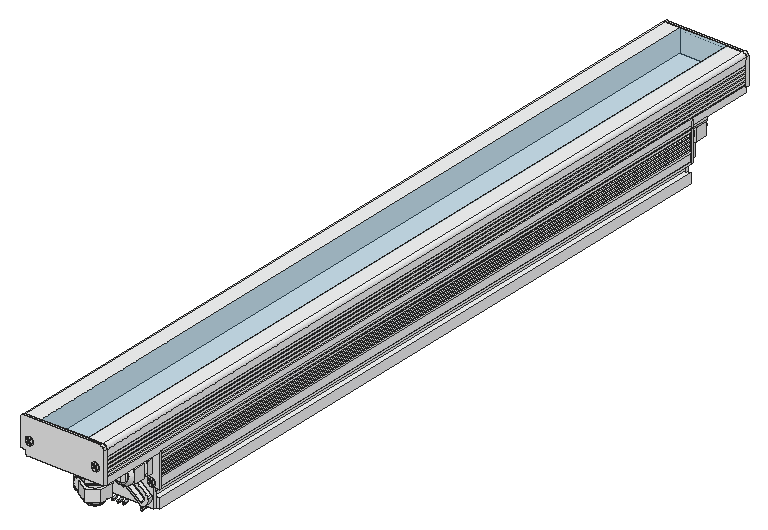
Revit family "ALS600T-AD-4RF", category Lighting Fixtures, Revit 2017 (continued)
Forms (in)
  Revolve 203, solid, material "Fixture Cap" <- "Fixture Cap", not visible
    sketch origin (0.81336, -11.57382, -11.21683) x (0, 0, -1) y (0, 1, 0)
      loop
        arc (-11.96836, 1.57) -> (-11.9653, 1.55134) -> (-11.95297, 1.53699) r 0.03501
        line (-11.95297, 1.53699) -> (-11.65625, 1.53699) -> (-11.65625, 1.57)
      loop
        arc (-11.98625, 1.39114) -> (-11.93234, 1.3772) -> (-11.87676, 1.37376) r 0.29147
        arc (-11.87676, 1.37376) -> (-11.89505, 1.36674) -> (-11.91028, 1.3544) r 0.06261
        line (-11.91028, 1.3544) -> (-11.91028, 1.32108)
        arc (-11.91028, 1.32108) -> (-11.89505, 1.30875) -> (-11.87676, 1.30173) r 0.06261
        arc (-11.87676, 1.30173) -> (-11.89505, 1.2947) -> (-11.91028, 1.28237) r 0.06261
        line (-11.91028, 1.28237) -> (-11.91028, 1.23982) -> (-11.65625, 1.23982) -> (-11.65625, 1.39114) -> (-11.98625, 1.39114)
      loop
        line (-11.65625, 0.73699) -> (-11.65625, 0.88982) -> (-11.98625, 0.88982) -> (-11.885, 0.78857) -> (-11.885, 0.75664)
        arc (-11.885, 0.75664) -> (-11.87925, 0.74275) -> (-11.86535, 0.73699) r 0.01965
        line (-11.86535, 0.73699) -> (-11.65625, 0.73699)
      axis (-11.65625, 1.57) -> (-11.65625, 0.73699)
    angle from 0 to 360
  Extrusion 204, solid, material "Fixture Cap" <- "Fixture Cap", not visible
    sketch origin (1.92414, 2.80497, -10.43795) x (0.992263, 0, 0.124157) y (0.124157, 0, -0.992263)
      loop
        line (0.35367, -11.80294) -> (0.30685, -11.42158) -> (-0.04682, -11.27146) -> (-0.35367, -11.50269) -> (-0.30685, -11.88404) -> (0.04682, -12.03416) -> (0.35367, -11.80294)
    from -13.48897 to -13.13897
  Extrusion 205, solid, material "Fixture Cap" <- "Fixture Cap", not visible
    sketch origin (1.92414, -11.07382, -10.43795) x (0.992263, 0, 0.124157) y (0.124157, 0, -0.992263)
      loop
        line (0.35367, -11.80294) -> (0.30685, -11.42158) -> (-0.04682, -11.27146) -> (-0.35367, -11.50269) -> (-0.30685, -11.88404) -> (0.04682, -12.03416) -> (0.35367, -11.80294)
    from 0.89114 to 1.03699
  Revolve 206, solid, material "Fixture Cap" <- "Fixture Cap", not visible
    sketch origin (0.47632, -11.57382, -10.53224) x (0, 0, -1) y (0, 1, 0)
      loop
        line (-11.65625, 1.57) -> (-11.96836, 1.57)
        arc (-11.96836, 1.57) -> (-11.9653, 1.55134) -> (-11.95297, 1.53699) r 0.03501
        line (-11.95297, 1.53699) -> (-11.65625, 1.53699) -> (-11.65625, 1.57)
      loop
        arc (-11.98625, 1.39114) -> (-11.93234, 1.3772) -> (-11.87676, 1.37376) r 0.29147
        arc (-11.87676, 1.37376) -> (-11.89505, 1.36674) -> (-11.91028, 1.3544) r 0.06261
        line (-11.91028, 1.3544) -> (-11.91028, 1.32108)
        arc (-11.91028, 1.32108) -> (-11.89505, 1.30875) -> (-11.87676, 1.30173) r 0.06261
        arc (-11.87676, 1.30173) -> (-11.89505, 1.2947) -> (-11.91028, 1.28237) r 0.06261
        line (-11.91028, 1.28237) -> (-11.91028, 1.23982) -> (-11.65625, 1.23982) -> (-11.65625, 1.39114) -> (-11.98625, 1.39114)
      loop
        line (-11.65625, 0.73699) -> (-11.65625, 0.88982) -> (-11.98625, 0.88982) -> (-11.885, 0.78857) -> (-11.885, 0.75664)
        arc (-11.885, 0.75664) -> (-11.87925, 0.74275) -> (-11.86535, 0.73699) r 0.01965
        line (-11.86535, 0.73699) -> (-11.65625, 0.73699)
      axis (-11.65625, 1.57) -> (-11.65625, 0.73699)
    angle from 0 to 360
  Extrusion 207, solid, not visible
    sketch origin (0, -0.00052, 0) x (1, 0, 0) y (0, 0, 1)
      loop
        arc (1.14151, 1.50452) -> (1.07455, 1.53392) -> (1.00195, 1.52513) r 0.13857
        arc (1.00195, 1.52513) -> (0.90722, 1.45276) -> (0.86206, 1.34243) r 0.22764
        arc (0.86206, 1.34243) -> (0.87048, 1.27794) -> (0.90914, 1.22565) r 0.1297
        line (0.90914, 1.22565) -> (2.17525, 0.20038)
        arc (2.17525, 0.20038) -> (2.20644, 0.18238) -> (2.24166, 0.17494) r 0.11481
        line (2.24166, 0.17494) -> (2.27594, 0.13261) -> (2.27703, 0.17865)
        arc (2.27703, 0.17865) -> (2.40611, 0.26958) -> (2.44515, 0.42256) r 0.22797
        arc (2.44515, 0.42256) -> (2.4371, 0.44854) -> (2.41972, 0.46945) r 0.06962
        line (2.41972, 0.46945) -> (1.14151, 1.50452)
      loop
        arc (2.21627, 0.28297) -> (2.24785, 0.26992) -> (2.28144, 0.27623) r 0.06
        arc (2.28144, 0.27623) -> (2.32403, 0.3102) -> (2.35016, 0.35801) r 0.13797
        arc (2.35016, 0.35801) -> (2.35029, 0.39565) -> (2.32927, 0.42689) r 0.06414
        line (2.32927, 0.42689) -> (1.09286, 1.42811)
        arc (1.09286, 1.42811) -> (1.05744, 1.44233) -> (1.02015, 1.43415) r 0.0648
        arc (1.02015, 1.43415) -> (0.97773, 1.39679) -> (0.95389, 1.34553) r 0.13764
        arc (0.95389, 1.34553) -> (0.95547, 1.31485) -> (0.97308, 1.28968) r 0.05565
        line (0.97308, 1.28968) -> (2.21627, 0.28297)
    from 10.19954 to 10.33348
  Extrusion 208, solid, material "Fixture Cap" <- "Fixture Cap", not visible
    sketch origin (3.42414, 2.80497, -10.43795) x (0.992263, 0, 0.124157) y (0.124157, 0, -0.992263)
      loop
        line (0.35367, -11.80294) -> (0.30685, -11.42158) -> (-0.04682, -11.27146) -> (-0.35367, -11.50269) -> (-0.30685, -11.88404) -> (0.04682, -12.03416) -> (0.35367, -11.80294)
    from -13.48897 to -13.13897
  Extrusion 209, solid, material "Fixture Cap" <- "Fixture Cap", not visible
    sketch origin (3.42414, -11.07382, -10.43795) x (0.992263, 0, 0.124157) y (0.124157, 0, -0.992263)
      loop
        line (0.35367, -11.80294) -> (0.30685, -11.42158) -> (-0.04682, -11.27146) -> (-0.35367, -11.50269) -> (-0.30685, -11.88404) -> (0.04682, -12.03416) -> (0.35367, -11.80294)
    from 0.89114 to 1.03699
  Revolve 210, solid, material "Fixture Cap" <- "Fixture Cap", not visible
    sketch origin (1.97632, -11.57382, -10.53224) x (0, 0, -1) y (0, 1, 0)
      loop
        line (-11.65625, 1.57) -> (-11.96836, 1.57)
        arc (-11.96836, 1.57) -> (-11.9653, 1.55134) -> (-11.95297, 1.53699) r 0.03501
        line (-11.95297, 1.53699) -> (-11.65625, 1.53699) -> (-11.65625, 1.57)
      loop
        arc (-11.98625, 1.39114) -> (-11.93234, 1.3772) -> (-11.87676, 1.37376) r 0.29147
        arc (-11.87676, 1.37376) -> (-11.89505, 1.36674) -> (-11.91028, 1.3544) r 0.06261
        line (-11.91028, 1.3544) -> (-11.91028, 1.32108)
        arc (-11.91028, 1.32108) -> (-11.89505, 1.30875) -> (-11.87676, 1.30173) r 0.06261
        arc (-11.87676, 1.30173) -> (-11.89505, 1.2947) -> (-11.91028, 1.28237) r 0.06261
        line (-11.91028, 1.28237) -> (-11.91028, 1.23982) -> (-11.65625, 1.23982) -> (-11.65625, 1.39114) -> (-11.98625, 1.39114)
      loop
        line (-11.65625, 0.73699) -> (-11.65625, 0.88982) -> (-11.98625, 0.88982) -> (-11.885, 0.78857) -> (-11.885, 0.75664)
        arc (-11.885, 0.75664) -> (-11.87925, 0.74275) -> (-11.86535, 0.73699) r 0.01965
        line (-11.86535, 0.73699) -> (-11.65625, 0.73699)
      axis (-11.65625, 1.57) -> (-11.65625, 0.73699)
    angle from 0 to 360
  Revolve 211, solid, not visible
    sketch origin (-0.02137, 0, 1.06933) x (1, 0, 0) y (0, 1, 0)
      loop
        line (1.37586, -10.00382) -> (1.37586, -11.00382)
        arc (1.37586, -11.00382) -> (1.52201, -11.01021) -> (1.66198, -10.96768) r 0.43398
        arc (1.66198, -10.96768) -> (1.66734, -10.9471) -> (1.66198, -10.92653) r 0.04216
        arc (1.66198, -10.92653) -> (1.602, -10.77742) -> (1.58156, -10.61801) r 0.63207
        line (1.58156, -10.61801) -> (1.58156, -10.334) -> (1.47989, -10.334) -> (1.47989, -10.20428)
        arc (1.47989, -10.20428) -> (1.48546, -10.18683) -> (1.4786, -10.16984) r 0.02697
        arc (1.4786, -10.16984) -> (1.48546, -10.15285) -> (1.47989, -10.1354) r 0.02697
        arc (1.47989, -10.1354) -> (1.48548, -10.11895) -> (1.47989, -10.1025) r 0.02697
        arc (1.47989, -10.1025) -> (1.48548, -10.08606) -> (1.47989, -10.06961) r 0.02697
        arc (1.47989, -10.06961) -> (1.48548, -10.05316) -> (1.47989, -10.03672) r 0.02697
        arc (1.47989, -10.03672) -> (1.48548, -10.02027) -> (1.47989, -10.00382) r 0.02697
        line (1.47989, -10.00382) -> (1.37586, -10.00382)
      axis (1.37586, -10.00382) -> (1.37586, -11.00382)
    angle from 0 to 360
  Extrusion 212, solid, not visible
    sketch origin (0, -0.00052, 0) x (1, 0, 0) y (0, 0, 1)
      loop
        line (1.06129, 1.57) -> (1.06129, 1.53503) -> (1.29265, 1.53503) -> (1.29265, 1.57) -> (1.06129, 1.57)
      loop
        line (1.51092, 1.57) -> (1.51092, 1.53699) -> (1.72749, 1.53699) -> (1.72749, 1.57) -> (1.51092, 1.57)
    from 10.0033 to 12
  Extrusion 213, solid, not visible
    sketch origin (0, 0.4375, 0) x (1, 0, 0) y (0, 1, 0)
      loop
        circle (1.17753, -11.25427) r 0.11625
      loop
        line (1.12751, -11.17355) -> (1.10007, -11.1954) -> (1.14693, -11.25427) -> (1.10007, -11.31314) -> (1.12751, -11.33499) -> (1.17753, -11.27216) -> (1.22754, -11.33499) -> (1.25499, -11.31314) -> (1.20813, -11.25427) -> (1.25499, -11.1954) -> (1.22754, -11.17355) -> (1.17753, -11.23638) -> (1.12751, -11.17355)
    from 1.4643 to 1.5343
  Extrusion 214, solid, not visible
    sketch origin (1.44491, -13.53482, 13.24212) x (-1, 0, 0) y (0, 0, 1)
      loop
        circle (1.17753, -11.25427) r 0.11625
      loop
        line (1.12751, -11.17355) -> (1.10007, -11.1954) -> (1.14693, -11.25427) -> (1.10007, -11.31314) -> (1.12751, -11.33499) -> (1.17753, -11.27216) -> (1.22754, -11.33499) -> (1.25499, -11.31314) -> (1.20813, -11.25427) -> (1.25499, -11.1954) -> (1.22754, -11.17355) -> (1.17753, -11.23638) -> (1.12751, -11.17355)
    from 1.4542 to 1.5343
  Extrusion 215, solid, not visible
    sketch origin (1.42321, -12.31607, 11.93355) x (-1, 0, 0) y (0, 0, 1)
      loop
        circle (1.17753, -11.25427) r 0.11625
      loop
        line (1.12751, -11.17355) -> (1.10007, -11.1954) -> (1.14693, -11.25427) -> (1.10007, -11.31314) -> (1.12751, -11.33499) -> (1.17753, -11.27216) -> (1.22754, -11.33499) -> (1.25499, -11.31314) -> (1.20813, -11.25427) -> (1.25499, -11.1954) -> (1.22754, -11.17355) -> (1.17753, -11.23638) -> (1.12751, -11.17355)
    from 2.36607 to 2.31225
  Extrusion 216, solid, not visible
    sketch origin (1.06982, -12.31607, 13.24212) x (1, 0, 0) y (0, 0, -1)
      loop
        circle (1.17753, 11.25427) r 0.11625
      loop
        line (1.12751, 11.17355) -> (1.17753, 11.23638) -> (1.22754, 11.17355) -> (1.25499, 11.1954) -> (1.20813, 11.25427) -> (1.25499, 11.31314) -> (1.22754, 11.33499) -> (1.17753, 11.27216) -> (1.12751, 11.33499) -> (1.10007, 11.31314) -> (1.14693, 11.25427) -> (1.10007, 11.1954) -> (1.12751, 11.17355)
    from 0.23545 to 0.31607
  Extrusion 217, solid, not visible
    sketch origin (1.09152, -12.31607, 11.93355) x (1, 0, 0) y (0, 0, -1)
      loop
        circle (1.17753, 11.25427) r 0.11625
      loop
        line (1.12751, 11.17355) -> (1.17753, 11.23638) -> (1.22754, 11.17355) -> (1.25499, 11.1954) -> (1.20813, 11.25427) -> (1.25499, 11.31314) -> (1.22754, 11.33499) -> (1.17753, 11.27216) -> (1.12751, 11.33499) -> (1.10007, 11.31314) -> (1.14693, 11.25427) -> (1.10007, 11.1954) -> (1.12751, 11.17355)
    from 2.31225 to 2.36607
  Extrusion 218, solid, not visible
    sketch origin (0, -0.00052, 0) x (1, 0, 0) y (0, 0, 1)
      loop
        circle (2.25157, 0.08671) r 0.03149
    from 10.19954 to 10.33348
  Extrusion 219, solid, not visible
    sketch origin (-0.1358, -0.00052, -0.03639) x (1, 0, 0) y (0, 0, 1)
      loop
        circle (2.25157, 0.08671) r 0.03149
    from 10.20006 to 10.334
  Extrusion 220, solid, not visible
    sketch origin (-0.29128, -0.00052, -0.03639) x (1, 0, 0) y (0, 0, 1)
      loop
        circle (2.25157, 0.08671) r 0.03149
    from 10.20006 to 10.334
  Extrusion 221, solid, not visible
    sketch origin (-0.46418, -0.00052, -0.02934) x (1, 0, 0) y (0, 0, 1)
      loop
        circle (2.25157, 0.08671) r 0.03149
    from 10.20006 to 10.334
  Extrusion 222, solid, not visible
    sketch origin (-0.61226, -0.00052, -0.0059) x (1, 0, 0) y (0, 0, 1)
      loop
        circle (2.25157, 0.08671) r 0.03149
    from 10.20006 to 10.334
  Extrusion 223, solid, not visible
    sketch origin (-0.7201, -0.00052, 0.04439) x (1, 0, 0) y (0, 0, 1)
      loop
        circle (2.25157, 0.08671) r 0.03149
    from 10.20006 to 10.334
  Extrusion 224, solid, not visible
    sketch origin (-0.80367, -0.00052, 0.1057) x (1, 0, 0) y (0, 0, 1)
      loop
        circle (2.25157, 0.08671) r 0.03149
    from 10.20006 to 10.334
  Extrusion 225, solid, not visible
    sketch origin (-0.86646, -0.00052, 0.19193) x (1, 0, 0) y (0, 0, 1)
      loop
        circle (2.25157, 0.08671) r 0.03149
    from 10.20006 to 10.334
  Extrusion 226, solid, not visible
    sketch origin (-0.98716, -0.00052, 0.37512) x (1, 0, 0) y (0, 0, 1)
      loop
        circle (2.25157, 0.08671) r 0.03149
    from 10.20006 to 10.334
  Extrusion 227, solid, not visible
    sketch origin (-1.03279, -0.00052, 0.48503) x (1, 0, 0) y (0, 0, 1)
      loop
        circle (2.25157, 0.08671) r 0.03149
    from 10.20006 to 10.334
  Extrusion 228, solid, not visible
    sketch origin (-1.00935, -0.00052, 0.61594) x (1, 0, 0) y (0, 0, 1)
      loop
        circle (2.25157, 0.08671) r 0.03149
    from 10.20006 to 10.334
  Extrusion 229, solid, not visible
    sketch origin (-0.95447, -0.00052, 0.67082) x (1, 0, 0) y (0, 0, 1)
      loop
        circle (2.25157, 0.08671) r 0.03149
    from 10.20006 to 10.334
  Extrusion 230, solid, not visible
    sketch origin (-0.93784, -0.00052, 0.2662) x (1, 0, 0) y (0, 0, 1)
      loop
        circle (2.25157, 0.08671) r 0.03149
    from 10.20006 to 10.334
  Extrusion 231, solid, material "Fixture Cap" <- "Fixture Cap", not visible
    sketch origin (-1.93945, -5.61362, -0.70206) x (1, 0, 0) y (0, 0, -1)
      loop
        line (4.45945, -2.27206) -> (2.17116, -2.27206)
        arc (2.17116, -2.27206) -> (2.12786, -2.29) -> (2.10992, -2.3333) r 0.06125
        line (2.10992, -2.3333) -> (2.10992, -2.43072) -> (1.93945, -2.43072) -> (1.93945, -3.22491)
        arc (1.93945, -3.22491) -> (1.97084, -3.30068) -> (2.0466, -3.33206) r 0.10715
        line (2.0466, -3.33206) -> (4.34703, -3.33206)
        arc (4.34703, -3.33206) -> (4.42653, -3.29913) -> (4.45945, -3.21964) r 0.11242
        line (4.45945, -3.21964) -> (4.45945, -2.27206)
    from -6.38586 to -6.46648
  Extrusion 232, solid, material "Fixture Cap" <- "Fixture Cap", not visible
    sketch origin (-1.34079, -5.61362, -2.44308) x (1, 0, 0) y (0, 0, -1)
      loop
        line (3.70079, -2.44308) -> (1.50079, -2.44308) -> (1.50079, -3.00999) -> (1.34079, -3.00999) -> (1.34079, -4.17175) -> (1.51125, -4.17175) -> (1.51125, -4.07433)
        arc (1.51125, -4.07433) -> (1.52919, -4.03102) -> (1.5725, -4.01308) r 0.06125
        line (1.5725, -4.01308) -> (3.86079, -4.01308) -> (3.86079, -3.00999) -> (3.70079, -3.00999) -> (3.70079, -2.44308)
    from -4.33638 to -4.38968
  Extrusion 233, solid, material "Fixture Cap" <- "Fixture Cap", not visible
    sketch origin (3.32368, -0.05262, 14.37879) x (0.992263, -0.124157, 0) y (0.124157, 0.992263, 0)
      loop
        line (0.35367, -11.80294) -> (0.30685, -11.42158) -> (-0.04682, -11.27146) -> (-0.35367, -11.50269) -> (-0.30685, -11.88404) -> (0.04682, -12.03416) -> (0.35367, -11.80294)
    from -13.48897 to -13.13897
  Extrusion 234, solid, material "Fixture Cap" <- "Fixture Cap", not visible
    sketch origin (3.32368, -0.05262, 0.5) x (0.992263, -0.124157, 0) y (0.124157, 0.992263, 0)
      loop
        line (0.35367, -11.80294) -> (0.30685, -11.42158) -> (-0.04682, -11.27146) -> (-0.35367, -11.50269) -> (-0.30685, -11.88404) -> (0.04682, -12.03416) -> (0.35367, -11.80294)
    from 0.89114 to 1.03699
  Revolve 235, solid, material "Fixture Cap" <- "Fixture Cap", not visible
    sketch origin (1.87586, 0.04168, 0) x (0, 1, 0) y (0, 0, 1)
      loop
        line (-11.65625, 1.57) -> (-11.96836, 1.57)
        arc (-11.96836, 1.57) -> (-11.9653, 1.55134) -> (-11.95297, 1.53699) r 0.03501
        line (-11.95297, 1.53699) -> (-11.65625, 1.53699) -> (-11.65625, 1.57)
      loop
        arc (-11.98625, 1.39114) -> (-11.93234, 1.3772) -> (-11.87676, 1.37376) r 0.29147
        arc (-11.87676, 1.37376) -> (-11.89505, 1.36674) -> (-11.91028, 1.3544) r 0.06261
        line (-11.91028, 1.3544) -> (-11.91028, 1.32108)
        arc (-11.91028, 1.32108) -> (-11.89505, 1.30875) -> (-11.87676, 1.30173) r 0.06261
        arc (-11.87676, 1.30173) -> (-11.89505, 1.2947) -> (-11.91028, 1.28237) r 0.06261
        line (-11.91028, 1.28237) -> (-11.91028, 1.23982) -> (-11.65625, 1.23982) -> (-11.65625, 1.39114) -> (-11.98625, 1.39114)
      loop
        line (-11.65625, 0.73699) -> (-11.65625, 0.88982) -> (-11.98625, 0.88982) -> (-11.885, 0.78857) -> (-11.885, 0.75664)
        arc (-11.885, 0.75664) -> (-11.87925, 0.74275) -> (-11.86535, 0.73699) r 0.01965
        line (-11.86535, 0.73699) -> (-11.65625, 0.73699)
      axis (-11.65625, 1.57) -> (-11.65625, 0.73699)
    angle from 0 to 360
  Extrusion 236, solid, not visible
    sketch origin (0, 0, 0) x (1, 0, 0) y (0, 0, 1)
      loop
        arc (0.17046, 1.66319) -> (0.05923, 1.65903) -> (0, 1.56477) r 0.11912
        line (0, 1.56477) -> (0, 1.4901)
        arc (0, 1.4901) -> (0.14626, 1.39146) -> (0.24596, 1.53699) r 0.1252
        line (0.24596, 1.53699) -> (1.06129, 1.53699) -> (1.06129, 1.57) -> (0.23171, 1.57)
        arc (0.23171, 1.57) -> (0.1884, 1.58794) -> (0.17046, 1.63125) r 0.06125
        line (0.17046, 1.63125) -> (0.17046, 1.66319)
    from 10.0033 to 10.51999
  Extrusion 237, solid, material "Fixture Cap" <- "Fixture Cap", not visible
    sketch origin (2.26118, 2.80497, -11.12253) x (0.992263, 0, 0.124157) y (0.124157, 0, -0.992263)
      loop
        line (0.35367, -11.80294) -> (0.30685, -11.42158) -> (-0.04682, -11.27146) -> (-0.35367, -11.50269) -> (-0.30685, -11.88404) -> (0.04682, -12.03416) -> (0.35367, -11.80294)
    from -13.48897 to -13.13897
  Extrusion 238, solid, material "Fixture Cap" <- "Fixture Cap", not visible
    sketch origin (2.26118, -11.07382, -11.12253) x (0.992263, 0, 0.124157) y (0.124157, 0, -0.992263)
      loop
        line (0.35367, -11.80294) -> (0.30685, -11.42158) -> (-0.04682, -11.27146) -> (-0.35367, -11.50269) -> (-0.30685, -11.88404) -> (0.04682, -12.03416) -> (0.35367, -11.80294)
    from 0.89114 to 1.03699
  Revolve 239, solid, material "Fixture Cap" <- "Fixture Cap", not visible
    sketch origin (0.81336, -11.57382, -11.21683) x (0, 0, -1) y (0, 1, 0)
      loop
        line (-11.65625, 1.57) -> (-11.96836, 1.57)
        arc (-11.96836, 1.57) -> (-11.9653, 1.55134) -> (-11.95297, 1.53699) r 0.03501
        line (-11.95297, 1.53699) -> (-11.65625, 1.53699) -> (-11.65625, 1.57)
      loop
        arc (-11.98625, 1.39114) -> (-11.93234, 1.3772) -> (-11.87676, 1.37376) r 0.29147
        arc (-11.87676, 1.37376) -> (-11.89505, 1.36674) -> (-11.91028, 1.3544) r 0.06261
        line (-11.91028, 1.3544) -> (-11.91028, 1.32108)
        arc (-11.91028, 1.32108) -> (-11.89505, 1.30875) -> (-11.87676, 1.30173) r 0.06261
        arc (-11.87676, 1.30173) -> (-11.89505, 1.2947) -> (-11.91028, 1.28237) r 0.06261
        line (-11.91028, 1.28237) -> (-11.91028, 1.23982) -> (-11.65625, 1.23982) -> (-11.65625, 1.39114) -> (-11.98625, 1.39114)
      loop
        line (-11.65625, 0.73699) -> (-11.65625, 0.88982) -> (-11.98625, 0.88982) -> (-11.885, 0.78857) -> (-11.885, 0.75664)
        arc (-11.885, 0.75664) -> (-11.87925, 0.74275) -> (-11.86535, 0.73699) r 0.01965
        line (-11.86535, 0.73699) -> (-11.65625, 0.73699)
      axis (-11.65625, 1.57) -> (-11.65625, 0.73699)
    angle from 0 to 360
  Extrusion 240, solid, material "Fixture Cap" <- "Fixture Cap", not visible
    sketch origin (1.92414, 2.80549, -10.43795) x (0.992263, 0, 0.124157) y (0.124157, 0, -0.992263)
      loop
        line (0.35367, -11.80294) -> (0.30685, -11.42158) -> (-0.04682, -11.27146) -> (-0.35367, -11.50269) -> (-0.30685, -11.88404) -> (0.04682, -12.03416) -> (0.35367, -11.80294)
    from -13.48897 to -13.13897
  Extrusion 241, solid, material "Fixture Cap" <- "Fixture Cap", not visible
    sketch origin (1.92414, -11.0733, -10.43795) x (0.992263, 0, 0.124157) y (0.124157, 0, -0.992263)
      loop
        line (0.35367, -11.80294) -> (0.30685, -11.42158) -> (-0.04682, -11.27146) -> (-0.35367, -11.50269) -> (-0.30685, -11.88404) -> (0.04682, -12.03416) -> (0.35367, -11.80294)
    from 0.89114 to 1.03699
  Revolve 242, solid, material "Fixture Cap" <- "Fixture Cap", not visible
    sketch origin (0.47632, -11.5733, -10.53224) x (0, 0, -1) y (0, 1, 0)
      loop
        line (-11.65625, 1.57) -> (-11.96836, 1.57)
        arc (-11.96836, 1.57) -> (-11.9653, 1.55134) -> (-11.95297, 1.53699) r 0.03501
        line (-11.95297, 1.53699) -> (-11.65625, 1.53699) -> (-11.65625, 1.57)
      loop
        arc (-11.98625, 1.39114) -> (-11.93234, 1.3772) -> (-11.87676, 1.37376) r 0.29147
        arc (-11.87676, 1.37376) -> (-11.89505, 1.36674) -> (-11.91028, 1.3544) r 0.06261
        line (-11.91028, 1.3544) -> (-11.91028, 1.32108)
        arc (-11.91028, 1.32108) -> (-11.89505, 1.30875) -> (-11.87676, 1.30173) r 0.06261
        arc (-11.87676, 1.30173) -> (-11.89505, 1.2947) -> (-11.91028, 1.28237) r 0.06261
        line (-11.91028, 1.28237) -> (-11.91028, 1.23982) -> (-11.65625, 1.23982) -> (-11.65625, 1.39114) -> (-11.98625, 1.39114)
      loop
        line (-11.65625, 0.73699) -> (-11.65625, 0.88982) -> (-11.98625, 0.88982) -> (-11.885, 0.78857) -> (-11.885, 0.75664)
        arc (-11.885, 0.75664) -> (-11.87925, 0.74275) -> (-11.86535, 0.73699) r 0.01965
        line (-11.86535, 0.73699) -> (-11.65625, 0.73699)
      axis (-11.65625, 1.57) -> (-11.65625, 0.73699)
    angle from 0 to 360
  Extrusion 243, solid, not visible
    sketch origin (0, 0, 0) x (1, 0, 0) y (0, 0, 1)
      loop
        arc (1.14151, 1.50452) -> (1.07455, 1.53392) -> (1.00195, 1.52513) r 0.13857
        arc (1.00195, 1.52513) -> (0.90722, 1.45276) -> (0.86206, 1.34243) r 0.22764
        arc (0.86206, 1.34243) -> (0.87048, 1.27794) -> (0.90914, 1.22565) r 0.1297
        line (0.90914, 1.22565) -> (2.17525, 0.20038)
        arc (2.17525, 0.20038) -> (2.20644, 0.18238) -> (2.24166, 0.17494) r 0.11481
        line (2.24166, 0.17494) -> (2.27594, 0.13261) -> (2.27703, 0.17865)
        arc (2.27703, 0.17865) -> (2.40611, 0.26958) -> (2.44515, 0.42256) r 0.22797
        arc (2.44515, 0.42256) -> (2.4371, 0.44854) -> (2.41972, 0.46945) r 0.06962
        line (2.41972, 0.46945) -> (1.14151, 1.50452)
      loop
        arc (2.21627, 0.28297) -> (2.24785, 0.26992) -> (2.28144, 0.27623) r 0.06
        arc (2.28144, 0.27623) -> (2.32403, 0.3102) -> (2.35016, 0.35801) r 0.13797
        arc (2.35016, 0.35801) -> (2.35029, 0.39565) -> (2.32927, 0.42689) r 0.06414
        line (2.32927, 0.42689) -> (1.09286, 1.42811)
        arc (1.09286, 1.42811) -> (1.05744, 1.44233) -> (1.02015, 1.43415) r 0.0648
        arc (1.02015, 1.43415) -> (0.97773, 1.39679) -> (0.95389, 1.34553) r 0.13764
        arc (0.95389, 1.34553) -> (0.95547, 1.31485) -> (0.97308, 1.28968) r 0.05565
        line (0.97308, 1.28968) -> (2.21627, 0.28297)
    from 10.20006 to 10.334
  Extrusion 244, solid, material "Fixture Cap" <- "Fixture Cap", not visible
    sketch origin (3.42414, 2.80549, -10.43795) x (0.992263, 0, 0.124157) y (0.124157, 0, -0.992263)
      loop
        line (0.35367, -11.80294) -> (0.30685, -11.42158) -> (-0.04682, -11.27146) -> (-0.35367, -11.50269) -> (-0.30685, -11.88404) -> (0.04682, -12.03416) -> (0.35367, -11.80294)
    from -13.48897 to -13.13897
  Extrusion 245, solid, material "Fixture Cap" <- "Fixture Cap", not visible
    sketch origin (3.42414, -11.0733, -10.43795) x (0.992263, 0, 0.124157) y (0.124157, 0, -0.992263)
      loop
        line (0.35367, -11.80294) -> (0.30685, -11.42158) -> (-0.04682, -11.27146) -> (-0.35367, -11.50269) -> (-0.30685, -11.88404) -> (0.04682, -12.03416) -> (0.35367, -11.80294)
    from 0.89114 to 1.03699
  Revolve 246, solid, material "Fixture Cap" <- "Fixture Cap", not visible
    sketch origin (1.97632, -11.5733, -10.53224) x (0, 0, -1) y (0, 1, 0)
      loop
        line (-11.65625, 1.57) -> (-11.96836, 1.57)
        arc (-11.96836, 1.57) -> (-11.9653, 1.55134) -> (-11.95297, 1.53699) r 0.03501
        line (-11.95297, 1.53699) -> (-11.65625, 1.53699) -> (-11.65625, 1.57)
      loop
        arc (-11.98625, 1.39114) -> (-11.93234, 1.3772) -> (-11.87676, 1.37376) r 0.29147
        arc (-11.87676, 1.37376) -> (-11.89505, 1.36674) -> (-11.91028, 1.3544) r 0.06261
        line (-11.91028, 1.3544) -> (-11.91028, 1.32108)
        arc (-11.91028, 1.32108) -> (-11.89505, 1.30875) -> (-11.87676, 1.30173) r 0.06261
        arc (-11.87676, 1.30173) -> (-11.89505, 1.2947) -> (-11.91028, 1.28237) r 0.06261
        line (-11.91028, 1.28237) -> (-11.91028, 1.23982) -> (-11.65625, 1.23982) -> (-11.65625, 1.39114) -> (-11.98625, 1.39114)
      loop
        line (-11.65625, 0.73699) -> (-11.65625, 0.88982) -> (-11.98625, 0.88982) -> (-11.885, 0.78857) -> (-11.885, 0.75664)
        arc (-11.885, 0.75664) -> (-11.87925, 0.74275) -> (-11.86535, 0.73699) r 0.01965
        line (-11.86535, 0.73699) -> (-11.65625, 0.73699)
      axis (-11.65625, 1.57) -> (-11.65625, 0.73699)
    angle from 0 to 360
  Revolve 247, solid, not visible
    sketch origin (-0.02137, 0.00052, 1.06933) x (1, 0, 0) y (0, 1, 0)
      loop
        line (1.37586, -10.00382) -> (1.37586, -11.00382)
        arc (1.37586, -11.00382) -> (1.52201, -11.01021) -> (1.66198, -10.96768) r 0.43398
        arc (1.66198, -10.96768) -> (1.66734, -10.9471) -> (1.66198, -10.92653) r 0.04216
        arc (1.66198, -10.92653) -> (1.602, -10.77742) -> (1.58156, -10.61801) r 0.63207
        line (1.58156, -10.61801) -> (1.58156, -10.334) -> (1.47989, -10.334) -> (1.47989, -10.20428)
        arc (1.47989, -10.20428) -> (1.48546, -10.18683) -> (1.4786, -10.16984) r 0.02697
        arc (1.4786, -10.16984) -> (1.48546, -10.15285) -> (1.47989, -10.1354) r 0.02697
        arc (1.47989, -10.1354) -> (1.48548, -10.11895) -> (1.47989, -10.1025) r 0.02697
        arc (1.47989, -10.1025) -> (1.48548, -10.08606) -> (1.47989, -10.06961) r 0.02697
        arc (1.47989, -10.06961) -> (1.48548, -10.05316) -> (1.47989, -10.03672) r 0.02697
        arc (1.47989, -10.03672) -> (1.48548, -10.02027) -> (1.47989, -10.00382) r 0.02697
        line (1.47989, -10.00382) -> (1.37586, -10.00382)
      axis (1.37586, -10.00382) -> (1.37586, -11.00382)
    angle from 0 to 360
  Extrusion 248, solid, not visible
    sketch origin (0, 0, 0) x (1, 0, 0) y (0, 0, 1)
      loop
        line (1.06129, 1.57) -> (1.06129, 1.53503) -> (1.29265, 1.53503) -> (1.29265, 1.57) -> (1.06129, 1.57)
      loop
        line (1.51092, 1.57) -> (1.51092, 1.53699) -> (1.72749, 1.53699) -> (1.72749, 1.57) -> (1.51092, 1.57)
    from 10.0033 to 12
  Extrusion 249, solid, not visible
    sketch origin (0, 0.43802, 0) x (1, 0, 0) y (0, 1, 0)
      loop
        circle (1.17753, -11.25427) r 0.11625
      loop
        line (1.12751, -11.17355) -> (1.10007, -11.1954) -> (1.14693, -11.25427) -> (1.10007, -11.31314) -> (1.12751, -11.33499) -> (1.17753, -11.27216) -> (1.22754, -11.33499) -> (1.25499, -11.31314) -> (1.20813, -11.25427) -> (1.25499, -11.1954) -> (1.22754, -11.17355) -> (1.17753, -11.23638) -> (1.12751, -11.17355)
    from 1.4643 to 1.5343
  Extrusion 250, solid, not visible
    sketch origin (1.44491, -13.5343, 13.24212) x (-1, 0, 0) y (0, 0, 1)
      loop
        circle (1.17753, -11.25427) r 0.11625
      loop
        line (1.12751, -11.17355) -> (1.10007, -11.1954) -> (1.14693, -11.25427) -> (1.10007, -11.31314) -> (1.12751, -11.33499) -> (1.17753, -11.27216) -> (1.22754, -11.33499) -> (1.25499, -11.31314) -> (1.20813, -11.25427) -> (1.25499, -11.1954) -> (1.22754, -11.17355) -> (1.17753, -11.23638) -> (1.12751, -11.17355)
    from 1.4542 to 1.5343
  Extrusion 251, solid, not visible
    sketch origin (1.42321, -12.31555, 11.93355) x (-1, 0, 0) y (0, 0, 1)
      loop
        circle (1.17753, -11.25427) r 0.11625
      loop
        line (1.12751, -11.17355) -> (1.10007, -11.1954) -> (1.14693, -11.25427) -> (1.10007, -11.31314) -> (1.12751, -11.33499) -> (1.17753, -11.27216) -> (1.22754, -11.33499) -> (1.25499, -11.31314) -> (1.20813, -11.25427) -> (1.25499, -11.1954) -> (1.22754, -11.17355) -> (1.17753, -11.23638) -> (1.12751, -11.17355)
    from 2.36555 to 2.31225
  Extrusion 252, solid, not visible
    sketch origin (1.06982, -12.31555, 13.24212) x (1, 0, 0) y (0, 0, -1)
      loop
        circle (1.17753, 11.25427) r 0.11625
      loop
        line (1.12751, 11.17355) -> (1.17753, 11.23638) -> (1.22754, 11.17355) -> (1.25499, 11.1954) -> (1.20813, 11.25427) -> (1.25499, 11.31314) -> (1.22754, 11.33499) -> (1.17753, 11.27216) -> (1.12751, 11.33499) -> (1.10007, 11.31314) -> (1.14693, 11.25427) -> (1.10007, 11.1954) -> (1.12751, 11.17355)
    from 0.23545 to 0.31607
  Extrusion 253, solid, not visible
    sketch origin (1.09152, -12.31555, 11.93355) x (1, 0, 0) y (0, 0, -1)
      loop
        circle (1.17753, 11.25427) r 0.11625
      loop
        line (1.12751, 11.17355) -> (1.17753, 11.23638) -> (1.22754, 11.17355) -> (1.25499, 11.1954) -> (1.20813, 11.25427) -> (1.25499, 11.31314) -> (1.22754, 11.33499) -> (1.17753, 11.27216) -> (1.12751, 11.33499) -> (1.10007, 11.31314) -> (1.14693, 11.25427) -> (1.10007, 11.1954) -> (1.12751, 11.17355)
    from 2.31225 to 2.36555
  Extrusion 254, solid, not visible
    sketch origin (0, 0, 0) x (1, 0, 0) y (0, 0, 1)
      loop
        circle (2.25157, 0.08671) r 0.03149
    from 10.20006 to 10.334
  Extrusion 255, solid, not visible
    sketch origin (-0.1358, 0, -0.03639) x (1, 0, 0) y (0, 0, 1)
      loop
        circle (2.25157, 0.08671) r 0.03149
    from 10.20006 to 10.334
  Extrusion 256, solid, not visible
    sketch origin (-0.29128, 0, -0.03639) x (1, 0, 0) y (0, 0, 1)
      loop
        circle (2.25157, 0.08671) r 0.03149
    from 10.20006 to 10.334
  Extrusion 257, solid, not visible
    sketch origin (-0.46418, 0, -0.02934) x (1, 0, 0) y (0, 0, 1)
      loop
        circle (2.25157, 0.08671) r 0.03149
    from 10.20006 to 10.334
  Extrusion 258, solid, not visible
    sketch origin (-0.61226, 0, -0.0059) x (1, 0, 0) y (0, 0, 1)
      loop
        circle (2.25157, 0.08671) r 0.03149
    from 10.20006 to 10.334
  Extrusion 259, solid, not visible
    sketch origin (-0.7201, 0, 0.04439) x (1, 0, 0) y (0, 0, 1)
      loop
        circle (2.25157, 0.08671) r 0.03149
    from 10.20006 to 10.334
  Extrusion 260, solid, not visible
    sketch origin (-0.80367, 0, 0.1057) x (1, 0, 0) y (0, 0, 1)
      loop
        circle (2.25157, 0.08671) r 0.03149
    from 10.20006 to 10.334
  Extrusion 261, solid, not visible
    sketch origin (-0.86646, 0, 0.19193) x (1, 0, 0) y (0, 0, 1)
      loop
        circle (2.25157, 0.08671) r 0.03149
    from 10.20006 to 10.334
  Extrusion 262, solid, not visible
    sketch origin (-0.98716, 0, 0.37512) x (1, 0, 0) y (0, 0, 1)
      loop
        circle (2.25157, 0.08671) r 0.03149
    from 10.0033 to 10.334
  Extrusion 263, solid, not visible
    sketch origin (-1.03279, 0, 0.48503) x (1, 0, 0) y (0, 0, 1)
      loop
        circle (2.25157, 0.08671) r 0.03149
    from 10.20006 to 10.334
  Extrusion 264, solid, not visible
    sketch origin (-1.00935, 0, 0.61594) x (1, 0, 0) y (0, 0, 1)
      loop
        circle (2.25157, 0.08671) r 0.03149
    from 10.20006 to 10.334
  Extrusion 265, solid, not visible
    sketch origin (-0.95447, 0, 0.67082) x (1, 0, 0) y (0, 0, 1)
      loop
        circle (2.25157, 0.08671) r 0.03149
    from 10.20006 to 10.334
  Extrusion 266, solid, not visible
    sketch origin (-0.93784, 0, 0.2662) x (1, 0, 0) y (0, 0, 1)
      loop
        circle (2.25157, 0.08671) r 0.03149
    from 10.20006 to 10.334
  Extrusion 267, solid, material "Fixture Cap" <- "Fixture Cap", not visible
    sketch origin (-1.93945, -17.61414, -0.70206) x (1, 0, 0) y (0, 0, -1)
      loop
        line (4.45945, -2.27206) -> (2.17116, -2.27206)
        arc (2.17116, -2.27206) -> (2.12786, -2.29) -> (2.10992, -2.3333) r 0.06125
        line (2.10992, -2.3333) -> (2.10992, -2.43072) -> (1.93945, -2.43072) -> (1.93945, -3.22491)
        arc (1.93945, -3.22491) -> (1.97084, -3.30068) -> (2.0466, -3.33206) r 0.10715
        line (2.0466, -3.33206) -> (4.34703, -3.33206)
        arc (4.34703, -3.33206) -> (4.42653, -3.29913) -> (4.45945, -3.21964) r 0.11242
        line (4.45945, -3.21964) -> (4.45945, -2.27206)
    from -6.38586 to -6.46648
  Extrusion 268, solid, material "Fixture Cap" <- "Fixture Cap", not visible
    sketch origin (-1.34079, -17.61414, -2.44308) x (1, 0, 0) y (0, 0, -1)
      loop
        line (3.70079, -2.44308) -> (1.50079, -2.44308) -> (1.50079, -3.00999) -> (1.34079, -3.00999) -> (1.34079, -4.17175) -> (1.51125, -4.17175) -> (1.51125, -4.07433)
        arc (1.51125, -4.07433) -> (1.52919, -4.03102) -> (1.5725, -4.01308) r 0.06125
        line (1.5725, -4.01308) -> (3.86079, -4.01308) -> (3.86079, -3.00999) -> (3.70079, -3.00999) -> (3.70079, -2.44308)
    from -4.33638 to -4.38968
  Extrusion 269, solid, material "Fixture Cap" <- "Fixture Cap", not visible
    sketch origin (3.32368, -12.05314, 14.37879) x (0.992263, -0.124157, 0) y (0.124157, 0.992263, 0)
      loop
        line (0.35367, -11.80294) -> (0.30685, -11.42158) -> (-0.04682, -11.27146) -> (-0.35367, -11.50269) -> (-0.30685, -11.88404) -> (0.04682, -12.03416) -> (0.35367, -11.80294)
    from -13.48897 to -13.13897
  Extrusion 270, solid, material "Fixture Cap" <- "Fixture Cap", not visible
    sketch origin (3.32368, -12.05314, 0.5) x (0.992263, -0.124157, 0) y (0.124157, 0.992263, 0)
      loop
        line (0.35367, -11.80294) -> (0.30685, -11.42158) -> (-0.04682, -11.27146) -> (-0.35367, -11.50269) -> (-0.30685, -11.88404) -> (0.04682, -12.03416) -> (0.35367, -11.80294)
    from 0.89114 to 1.03699
  Revolve 271, solid, material "Fixture Cap" <- "Fixture Cap", not visible
    sketch origin (1.87586, -11.95884, 0) x (0, 1, 0) y (0, 0, 1)
      loop
        line (-11.65625, 1.57) -> (-11.96836, 1.57)
        arc (-11.96836, 1.57) -> (-11.9653, 1.55134) -> (-11.95297, 1.53699) r 0.03501
        line (-11.95297, 1.53699) -> (-11.65625, 1.53699) -> (-11.65625, 1.57)
      loop
        arc (-11.98625, 1.39114) -> (-11.93234, 1.3772) -> (-11.87676, 1.37376) r 0.29147
        arc (-11.87676, 1.37376) -> (-11.89505, 1.36674) -> (-11.91028, 1.3544) r 0.06261
        line (-11.91028, 1.3544) -> (-11.91028, 1.32108)
        arc (-11.91028, 1.32108) -> (-11.89505, 1.30875) -> (-11.87676, 1.30173) r 0.06261
        arc (-11.87676, 1.30173) -> (-11.89505, 1.2947) -> (-11.91028, 1.28237) r 0.06261
        line (-11.91028, 1.28237) -> (-11.91028, 1.23982) -> (-11.65625, 1.23982) -> (-11.65625, 1.39114) -> (-11.98625, 1.39114)
      loop
        line (-11.65625, 0.73699) -> (-11.65625, 0.88982) -> (-11.98625, 0.88982) -> (-11.885, 0.78857) -> (-11.885, 0.75664)
        arc (-11.885, 0.75664) -> (-11.87925, 0.74275) -> (-11.86535, 0.73699) r 0.01965
        line (-11.86535, 0.73699) -> (-11.65625, 0.73699)
      axis (-11.65625, 1.57) -> (-11.65625, 0.73699)
    angle from 0 to 360
  Extrusion 272, solid, not visible
    sketch origin (0, -12.00052, 0) x (1, 0, 0) y (0, 0, 1)
      loop
        arc (0.17046, 1.66319) -> (0.05923, 1.65903) -> (0, 1.56477) r 0.11912
        line (0, 1.56477) -> (0, 1.4901)
        arc (0, 1.4901) -> (0.14626, 1.39146) -> (0.24596, 1.53699) r 0.1252
        line (0.24596, 1.53699) -> (1.06129, 1.53699) -> (1.06129, 1.57) -> (0.23171, 1.57)
        arc (0.23171, 1.57) -> (0.1884, 1.58794) -> (0.17046, 1.63125) r 0.06125
        line (0.17046, 1.63125) -> (0.17046, 1.66319)
    from 10.0033 to 10.51999
  Extrusion 273, solid, material "Fixture Cap" <- "Fixture Cap", not visible
    sketch origin (2.26118, -9.19555, -11.12253) x (0.992263, 0, 0.124157) y (0.124157, 0, -0.992263)
      loop
        line (0.35367, -11.80294) -> (0.30685, -11.42158) -> (-0.04682, -11.27146) -> (-0.35367, -11.50269) -> (-0.30685, -11.88404) -> (0.04682, -12.03416) -> (0.35367, -11.80294)
    from -13.48897 to -13.13897
  Extrusion 274, solid, material "Fixture Cap" <- "Fixture Cap", not visible
    sketch origin (2.26118, -23.07434, -11.12253) x (0.992263, 0, 0.124157) y (0.124157, 0, -0.992263)
      loop
        line (0.35367, -11.80294) -> (0.30685, -11.42158) -> (-0.04682, -11.27146) -> (-0.35367, -11.50269) -> (-0.30685, -11.88404) -> (0.04682, -12.03416) -> (0.35367, -11.80294)
    from 0.89114 to 1.03699
  Revolve 275, solid, material "Fixture Cap" <- "Fixture Cap", not visible
    sketch origin (0.81336, -23.57434, -11.21683) x (0, 0, -1) y (0, 1, 0)
      loop
        line (-11.65625, 1.57) -> (-11.96836, 1.57)
        arc (-11.96836, 1.57) -> (-11.9653, 1.55134) -> (-11.95297, 1.53699) r 0.03501
        line (-11.95297, 1.53699) -> (-11.65625, 1.53699) -> (-11.65625, 1.57)
      loop
        arc (-11.98625, 1.39114) -> (-11.93234, 1.3772) -> (-11.87676, 1.37376) r 0.29147
        arc (-11.87676, 1.37376) -> (-11.89505, 1.36674) -> (-11.91028, 1.3544) r 0.06261
        line (-11.91028, 1.3544) -> (-11.91028, 1.32108)
        arc (-11.91028, 1.32108) -> (-11.89505, 1.30875) -> (-11.87676, 1.30173) r 0.06261
        arc (-11.87676, 1.30173) -> (-11.89505, 1.2947) -> (-11.91028, 1.28237) r 0.06261
        line (-11.91028, 1.28237) -> (-11.91028, 1.23982) -> (-11.65625, 1.23982) -> (-11.65625, 1.39114) -> (-11.98625, 1.39114)
      loop
        line (-11.65625, 0.73699) -> (-11.65625, 0.88982) -> (-11.98625, 0.88982) -> (-11.885, 0.78857) -> (-11.885, 0.75664)
        arc (-11.885, 0.75664) -> (-11.87925, 0.74275) -> (-11.86535, 0.73699) r 0.01965
        line (-11.86535, 0.73699) -> (-11.65625, 0.73699)
      axis (-11.65625, 1.57) -> (-11.65625, 0.73699)
    angle from 0 to 360
  Extrusion 276, solid, material "Fixture Cap" <- "Fixture Cap", not visible
    sketch origin (1.92414, -9.19503, -10.43795) x (0.992263, 0, 0.124157) y (0.124157, 0, -0.992263)
      loop
        line (0.35367, -11.80294) -> (0.30685, -11.42158) -> (-0.04682, -11.27146) -> (-0.35367, -11.50269) -> (-0.30685, -11.88404) -> (0.04682, -12.03416) -> (0.35367, -11.80294)
    from -13.48897 to -13.13897
  Extrusion 277, solid, material "Fixture Cap" <- "Fixture Cap", not visible
    sketch origin (1.92414, -23.07382, -10.43795) x (0.992263, 0, 0.124157) y (0.124157, 0, -0.992263)
      loop
        line (0.35367, -11.80294) -> (0.30685, -11.42158) -> (-0.04682, -11.27146) -> (-0.35367, -11.50269) -> (-0.30685, -11.88404) -> (0.04682, -12.03416) -> (0.35367, -11.80294)
    from 0.89114 to 1.03699
  Revolve 278, solid, material "Fixture Cap" <- "Fixture Cap", not visible
    sketch origin (0.47632, -23.57382, -10.53224) x (0, 0, -1) y (0, 1, 0)
      loop
        line (-11.65625, 1.57) -> (-11.96836, 1.57)
        arc (-11.96836, 1.57) -> (-11.9653, 1.55134) -> (-11.95297, 1.53699) r 0.03501
        line (-11.95297, 1.53699) -> (-11.65625, 1.53699) -> (-11.65625, 1.57)
      loop
        arc (-11.98625, 1.39114) -> (-11.93234, 1.3772) -> (-11.87676, 1.37376) r 0.29147
        arc (-11.87676, 1.37376) -> (-11.89505, 1.36674) -> (-11.91028, 1.3544) r 0.06261
        line (-11.91028, 1.3544) -> (-11.91028, 1.32108)
        arc (-11.91028, 1.32108) -> (-11.89505, 1.30875) -> (-11.87676, 1.30173) r 0.06261
        arc (-11.87676, 1.30173) -> (-11.89505, 1.2947) -> (-11.91028, 1.28237) r 0.06261
        line (-11.91028, 1.28237) -> (-11.91028, 1.23982) -> (-11.65625, 1.23982) -> (-11.65625, 1.39114) -> (-11.98625, 1.39114)
      loop
        line (-11.65625, 0.73699) -> (-11.65625, 0.88982) -> (-11.98625, 0.88982) -> (-11.885, 0.78857) -> (-11.885, 0.75664)
        arc (-11.885, 0.75664) -> (-11.87925, 0.74275) -> (-11.86535, 0.73699) r 0.01965
        line (-11.86535, 0.73699) -> (-11.65625, 0.73699)
      axis (-11.65625, 1.57) -> (-11.65625, 0.73699)
    angle from 0 to 360
  Extrusion 279, solid, not visible
    sketch origin (0, -12.00052, 0) x (1, 0, 0) y (0, 0, 1)
      loop
        arc (1.14151, 1.50452) -> (1.07455, 1.53392) -> (1.00195, 1.52513) r 0.13857
        arc (1.00195, 1.52513) -> (0.90722, 1.45276) -> (0.86206, 1.34243) r 0.22764
        arc (0.86206, 1.34243) -> (0.87048, 1.27794) -> (0.90914, 1.22565) r 0.1297
        line (0.90914, 1.22565) -> (2.17525, 0.20038)
        arc (2.17525, 0.20038) -> (2.20644, 0.18238) -> (2.24166, 0.17494) r 0.11481
        line (2.24166, 0.17494) -> (2.27594, 0.13261) -> (2.27703, 0.17865)
        arc (2.27703, 0.17865) -> (2.40611, 0.26958) -> (2.44515, 0.42256) r 0.22797
        arc (2.44515, 0.42256) -> (2.4371, 0.44854) -> (2.41972, 0.46945) r 0.06962
        line (2.41972, 0.46945) -> (1.14151, 1.50452)
      loop
        arc (2.21627, 0.28297) -> (2.24785, 0.26992) -> (2.28144, 0.27623) r 0.06
        arc (2.28144, 0.27623) -> (2.32403, 0.3102) -> (2.35016, 0.35801) r 0.13797
        arc (2.35016, 0.35801) -> (2.35029, 0.39565) -> (2.32927, 0.42689) r 0.06414
        line (2.32927, 0.42689) -> (1.09286, 1.42811)
        arc (1.09286, 1.42811) -> (1.05744, 1.44233) -> (1.02015, 1.43415) r 0.0648
        arc (1.02015, 1.43415) -> (0.97773, 1.39679) -> (0.95389, 1.34553) r 0.13764
        arc (0.95389, 1.34553) -> (0.95547, 1.31485) -> (0.97308, 1.28968) r 0.05565
        line (0.97308, 1.28968) -> (2.21627, 0.28297)
    from 10.20006 to 10.334
  Extrusion 280, solid, material "Fixture Cap" <- "Fixture Cap", not visible
    sketch origin (3.42414, -9.19503, -10.43795) x (0.992263, 0, 0.124157) y (0.124157, 0, -0.992263)
      loop
        line (0.35367, -11.80294) -> (0.30685, -11.42158) -> (-0.04682, -11.27146) -> (-0.35367, -11.50269) -> (-0.30685, -11.88404) -> (0.04682, -12.03416) -> (0.35367, -11.80294)
    from -13.48897 to -13.13897
  Extrusion 281, solid, material "Fixture Cap" <- "Fixture Cap", not visible
    sketch origin (3.42414, -23.07382, -10.43795) x (0.992263, 0, 0.124157) y (0.124157, 0, -0.992263)
      loop
        line (0.35367, -11.80294) -> (0.30685, -11.42158) -> (-0.04682, -11.27146) -> (-0.35367, -11.50269) -> (-0.30685, -11.88404) -> (0.04682, -12.03416) -> (0.35367, -11.80294)
    from 0.89114 to 1.03699
  Revolve 282, solid, material "Fixture Cap" <- "Fixture Cap", not visible
    sketch origin (1.97632, -23.57382, -10.53224) x (0, 0, -1) y (0, 1, 0)
      loop
        line (-11.65625, 1.57) -> (-11.96836, 1.57)
        arc (-11.96836, 1.57) -> (-11.9653, 1.55134) -> (-11.95297, 1.53699) r 0.03501
        line (-11.95297, 1.53699) -> (-11.65625, 1.53699) -> (-11.65625, 1.57)
      loop
        arc (-11.98625, 1.39114) -> (-11.93234, 1.3772) -> (-11.87676, 1.37376) r 0.29147
        arc (-11.87676, 1.37376) -> (-11.89505, 1.36674) -> (-11.91028, 1.3544) r 0.06261
        line (-11.91028, 1.3544) -> (-11.91028, 1.32108)
        arc (-11.91028, 1.32108) -> (-11.89505, 1.30875) -> (-11.87676, 1.30173) r 0.06261
        arc (-11.87676, 1.30173) -> (-11.89505, 1.2947) -> (-11.91028, 1.28237) r 0.06261
        line (-11.91028, 1.28237) -> (-11.91028, 1.23982) -> (-11.65625, 1.23982) -> (-11.65625, 1.39114) -> (-11.98625, 1.39114)
      loop
        line (-11.65625, 0.73699) -> (-11.65625, 0.88982) -> (-11.98625, 0.88982) -> (-11.885, 0.78857) -> (-11.885, 0.75664)
        arc (-11.885, 0.75664) -> (-11.87925, 0.74275) -> (-11.86535, 0.73699) r 0.01965
        line (-11.86535, 0.73699) -> (-11.65625, 0.73699)
      axis (-11.65625, 1.57) -> (-11.65625, 0.73699)
    angle from 0 to 360
  Revolve 283, solid, not visible
    sketch origin (-0.02137, -12, 1.06933) x (1, 0, 0) y (0, 1, 0)
      loop
        line (1.37586, -10.00382) -> (1.37586, -11.00382)
        arc (1.37586, -11.00382) -> (1.52201, -11.01021) -> (1.66198, -10.96768) r 0.43398
        arc (1.66198, -10.96768) -> (1.66734, -10.9471) -> (1.66198, -10.92653) r 0.04216
        arc (1.66198, -10.92653) -> (1.602, -10.77742) -> (1.58156, -10.61801) r 0.63207
        line (1.58156, -10.61801) -> (1.58156, -10.334) -> (1.47989, -10.334) -> (1.47989, -10.20428)
        arc (1.47989, -10.20428) -> (1.48546, -10.18683) -> (1.4786, -10.16984) r 0.02697
        arc (1.4786, -10.16984) -> (1.48546, -10.15285) -> (1.47989, -10.1354) r 0.02697
        arc (1.47989, -10.1354) -> (1.48548, -10.11895) -> (1.47989, -10.1025) r 0.02697
        arc (1.47989, -10.1025) -> (1.48548, -10.08606) -> (1.47989, -10.06961) r 0.02697
        arc (1.47989, -10.06961) -> (1.48548, -10.05316) -> (1.47989, -10.03672) r 0.02697
        arc (1.47989, -10.03672) -> (1.48548, -10.02027) -> (1.47989, -10.00382) r 0.02697
        line (1.47989, -10.00382) -> (1.37586, -10.00382)
      axis (1.37586, -10.00382) -> (1.37586, -11.00382)
    angle from 0 to 360
  Extrusion 284, solid, not visible
    sketch origin (0, -12.00052, 0) x (1, 0, 0) y (0, 0, 1)
      loop
        line (1.06129, 1.57) -> (1.06129, 1.53503) -> (1.29265, 1.53503) -> (1.29265, 1.57) -> (1.06129, 1.57)
      loop
        line (1.51092, 1.57) -> (1.51092, 1.53699) -> (1.72749, 1.53699) -> (1.72749, 1.57) -> (1.51092, 1.57)
    from 10.0033 to 12
  Extrusion 285, solid, not visible
    sketch origin (0, -11.5625, 0) x (1, 0, 0) y (0, 1, 0)
      loop
        circle (1.17753, -11.25427) r 0.11625
      loop
        line (1.12751, -11.17355) -> (1.10007, -11.1954) -> (1.14693, -11.25427) -> (1.10007, -11.31314) -> (1.12751, -11.33499) -> (1.17753, -11.27216) -> (1.22754, -11.33499) -> (1.25499, -11.31314) -> (1.20813, -11.25427) -> (1.25499, -11.1954) -> (1.22754, -11.17355) -> (1.17753, -11.23638) -> (1.12751, -11.17355)
    from 1.4643 to 1.5343
  Extrusion 286, solid, not visible
    sketch origin (1.44491, -25.53482, 13.24212) x (-1, 0, 0) y (0, 0, 1)
      loop
        circle (1.17753, -11.25427) r 0.11625
      loop
        line (1.12751, -11.17355) -> (1.10007, -11.1954) -> (1.14693, -11.25427) -> (1.10007, -11.31314) -> (1.12751, -11.33499) -> (1.17753, -11.27216) -> (1.22754, -11.33499) -> (1.25499, -11.31314) -> (1.20813, -11.25427) -> (1.25499, -11.1954) -> (1.22754, -11.17355) -> (1.17753, -11.23638) -> (1.12751, -11.17355)
    from 1.4542 to 1.5343
  Extrusion 287, solid, not visible
    sketch origin (1.42321, -24.31607, 11.93355) x (-1, 0, 0) y (0, 0, 1)
      loop
        circle (1.17753, -11.25427) r 0.11625
      loop
        line (1.12751, -11.17355) -> (1.10007, -11.1954) -> (1.14693, -11.25427) -> (1.10007, -11.31314) -> (1.12751, -11.33499) -> (1.17753, -11.27216) -> (1.22754, -11.33499) -> (1.25499, -11.31314) -> (1.20813, -11.25427) -> (1.25499, -11.1954) -> (1.22754, -11.17355) -> (1.17753, -11.23638) -> (1.12751, -11.17355)
    from 2.36555 to 2.31225
  Extrusion 288, solid, not visible
    sketch origin (1.06982, -24.31607, 13.24212) x (1, 0, 0) y (0, 0, -1)
      loop
        circle (1.17753, 11.25427) r 0.11625
      loop
        line (1.12751, 11.17355) -> (1.17753, 11.23638) -> (1.22754, 11.17355) -> (1.25499, 11.1954) -> (1.20813, 11.25427) -> (1.25499, 11.31314) -> (1.22754, 11.33499) -> (1.17753, 11.27216) -> (1.12751, 11.33499) -> (1.10007, 11.31314) -> (1.14693, 11.25427) -> (1.10007, 11.1954) -> (1.12751, 11.17355)
    from 0.23545 to 0.31607
  Extrusion 289, solid, not visible
    sketch origin (1.09152, -24.31607, 11.93355) x (1, 0, 0) y (0, 0, -1)
      loop
        circle (1.17753, 11.25427) r 0.11625
      loop
        line (1.12751, 11.17355) -> (1.17753, 11.23638) -> (1.22754, 11.17355) -> (1.25499, 11.1954) -> (1.20813, 11.25427) -> (1.25499, 11.31314) -> (1.22754, 11.33499) -> (1.17753, 11.27216) -> (1.12751, 11.33499) -> (1.10007, 11.31314) -> (1.14693, 11.25427) -> (1.10007, 11.1954) -> (1.12751, 11.17355)
    from 2.31225 to 2.36555
  Extrusion 290, solid, not visible
    sketch origin (0, -12.00052, 0) x (1, 0, 0) y (0, 0, 1)
      loop
        circle (2.25157, 0.08671) r 0.03149
    from 10.20006 to 10.334
  Extrusion 291, solid, not visible
    sketch origin (-0.1358, -12.00052, -0.03639) x (1, 0, 0) y (0, 0, 1)
      loop
        circle (2.25157, 0.08671) r 0.03149
    from 10.20006 to 10.334
  Extrusion 292, solid, not visible
    sketch origin (-0.29128, -12.00052, -0.03639) x (1, 0, 0) y (0, 0, 1)
      loop
        circle (2.25157, 0.08671) r 0.03149
    from 10.20006 to 10.334
  Extrusion 293, solid, not visible
    sketch origin (-0.46418, -12.00052, -0.02934) x (1, 0, 0) y (0, 0, 1)
      loop
        circle (2.25157, 0.08671) r 0.03149
    from 10.20006 to 10.334
  Extrusion 294, solid, not visible
    sketch origin (-0.61226, -12.00052, -0.0059) x (1, 0, 0) y (0, 0, 1)
      loop
        circle (2.25157, 0.08671) r 0.03149
    from 10.20006 to 10.334
  Extrusion 295, solid, not visible
    sketch origin (-0.7201, -12.00052, 0.04439) x (1, 0, 0) y (0, 0, 1)
      loop
        circle (2.25157, 0.08671) r 0.03149
    from 10.20006 to 10.334
  Extrusion 296, solid, not visible
    sketch origin (-0.80367, -12.00052, 0.1057) x (1, 0, 0) y (0, 0, 1)
      loop
        circle (2.25157, 0.08671) r 0.03149
    from 10.20006 to 10.334
  Extrusion 297, solid, not visible
    sketch origin (-0.86646, -12.00052, 0.19193) x (1, 0, 0) y (0, 0, 1)
      loop
        circle (2.25157, 0.08671) r 0.03149
    from 10.20006 to 10.334
  Extrusion 298, solid, not visible
    sketch origin (-0.98716, -12.00052, 0.37512) x (1, 0, 0) y (0, 0, 1)
      loop
        circle (2.25157, 0.08671) r 0.03149
    from 10.0033 to 10.334
  Extrusion 299, solid, not visible
    sketch origin (-1.03279, -12.00052, 0.48503) x (1, 0, 0) y (0, 0, 1)
      loop
        circle (2.25157, 0.08671) r 0.03149
    from 10.20006 to 10.334
  Extrusion 300, solid, not visible
    sketch origin (-1.00935, -12.00052, 0.61594) x (1, 0, 0) y (0, 0, 1)
      loop
        circle (2.25157, 0.08671) r 0.03149
    from 10.20006 to 10.334
  Extrusion 301, solid, not visible
    sketch origin (-0.95447, -12.00052, 0.67082) x (1, 0, 0) y (0, 0, 1)
      loop
        circle (2.25157, 0.08671) r 0.03149
    from 10.20006 to 10.334
  Extrusion 302, solid, not visible
    sketch origin (-0.93784, -12.00052, 0.2662) x (1, 0, 0) y (0, 0, 1)
      loop
        circle (2.25157, 0.08671) r 0.03149
    from 10.20006 to 10.334
  Extrusion 303, solid, not visible
    sketch origin (-0.1358, 12.00052, -0.03639) x (1, 0, 0) y (0, 0, 1)
      loop
        circle (2.25157, 0.08671) r 0.03149
    from 10.20006 to 10.334
  Extrusion 304, solid, not visible
    sketch origin (-0.29128, 12.00052, -0.03639) x (1, 0, 0) y (0, 0, 1)
      loop
        circle (2.25157, 0.08671) r 0.03149
    from 10.20006 to 10.334
  Extrusion 305, solid, not visible
    sketch origin (-0.46418, 12.00052, -0.02934) x (1, 0, 0) y (0, 0, 1)
      loop
        circle (2.25157, 0.08671) r 0.03149
    from 10.20006 to 10.334
  Extrusion 306, solid, not visible
    sketch origin (-0.61226, 12.00052, -0.0059) x (1, 0, 0) y (0, 0, 1)
      loop
        circle (2.25157, 0.08671) r 0.03149
    from 10.20006 to 10.334
  Extrusion 307, solid, not visible
    sketch origin (-0.7201, 12.00052, 0.04439) x (1, 0, 0) y (0, 0, 1)
      loop
        circle (2.25157, 0.08671) r 0.03149
    from 10.20006 to 10.334
  Extrusion 308, solid, not visible
    sketch origin (-0.80367, 12.00052, 0.1057) x (1, 0, 0) y (0, 0, 1)
      loop
        circle (2.25157, 0.08671) r 0.03149
    from 10.20006 to 10.334
  Extrusion 309, solid, not visible
    sketch origin (-0.86646, 12.00052, 0.19193) x (1, 0, 0) y (0, 0, 1)
      loop
        circle (2.25157, 0.08671) r 0.03149
    from 10.20006 to 10.334
  Extrusion 310, solid, not visible
    sketch origin (-0.93784, 12.00052, 0.2662) x (1, 0, 0) y (0, 0, 1)
      loop
        circle (2.25157, 0.08671) r 0.03149
    from 10.20006 to 10.334
  Extrusion 311, solid
    sketch origin (-0.55239, -0.00052, -0.03639) x (1, 0, 0) y (0, 0, 1)
      loop
        circle (2.25157, 0.08671) r 0.03149
    from 10.20006 to 10.334
  Extrusion 312, solid
    sketch origin (-0.70786, -0.00052, -0.03639) x (1, 0, 0) y (0, 0, 1)
      loop
        circle (2.25157, 0.08671) r 0.03149
    from 10.20006 to 10.334
  Extrusion 313, solid
    sketch origin (-0.88076, -0.00052, -0.02934) x (1, 0, 0) y (0, 0, 1)
      loop
        circle (2.25157, 0.08671) r 0.03149
    from 10.20006 to 10.334
  Extrusion 314, solid
    sketch origin (-1.02884, -0.00052, -0.0059) x (1, 0, 0) y (0, 0, 1)
      loop
        circle (2.25157, 0.08671) r 0.03149
    from 10.20006 to 10.334
  Extrusion 315, solid
    sketch origin (-1.13669, -0.00052, 0.04439) x (1, 0, 0) y (0, 0, 1)
      loop
        circle (2.25157, 0.08671) r 0.03149
    from 10.20006 to 10.334
  Extrusion 316, solid
    sketch origin (-1.22026, -0.00052, 0.1057) x (1, 0, 0) y (0, 0, 1)
      loop
        circle (2.25157, 0.08671) r 0.03149
    from 10.20006 to 10.334
  Extrusion 317, solid
    sketch origin (-1.28305, -0.00052, 0.19193) x (1, 0, 0) y (0, 0, 1)
      loop
        circle (2.25157, 0.08671) r 0.03149
    from 10.20006 to 10.334
  Extrusion 318, solid
    sketch origin (-1.35443, -0.00052, 0.2662) x (1, 0, 0) y (0, 0, 1)
      loop
        circle (2.25157, 0.08671) r 0.03149
    from 10.20006 to 10.334
  Extrusion 319, solid, material "Fixture Cap" <- "Fixture Cap", not visible
    sketch origin (-1.93945, -17.61414, -0.70206) x (1, 0, 0) y (0, 0, -1)
      loop
        line (4.45945, -2.27206) -> (2.17116, -2.27206)
        arc (2.17116, -2.27206) -> (2.12786, -2.29) -> (2.10992, -2.3333) r 0.06125
        line (2.10992, -2.3333) -> (2.10992, -2.43072) -> (1.93945, -2.43072) -> (1.93945, -3.22491)
        arc (1.93945, -3.22491) -> (1.97084, -3.30068) -> (2.0466, -3.33206) r 0.10715
        line (2.0466, -3.33206) -> (4.34703, -3.33206)
        arc (4.34703, -3.33206) -> (4.42653, -3.29913) -> (4.45945, -3.21964) r 0.11242
        line (4.45945, -3.21964) -> (4.45945, -2.27206)
    from -6.38586 to -6.46648
  Extrusion 320, solid, material "Fixture Cap" <- "Fixture Cap", not visible
    sketch origin (-1.34079, -17.61414, -2.44308) x (1, 0, 0) y (0, 0, -1)
      loop
        line (3.70079, -2.44308) -> (1.50079, -2.44308) -> (1.50079, -3.00999) -> (1.34079, -3.00999) -> (1.34079, -4.17175) -> (1.51125, -4.17175) -> (1.51125, -4.07433)
        arc (1.51125, -4.07433) -> (1.52919, -4.03102) -> (1.5725, -4.01308) r 0.06125
        line (1.5725, -4.01308) -> (3.86079, -4.01308) -> (3.86079, -3.00999) -> (3.70079, -3.00999) -> (3.70079, -2.44308)
    from -4.33638 to -4.38968
  Extrusion 321, solid, material "Fixture Cap" <- "Fixture Cap", not visible
    sketch origin (3.32368, -12.05314, 14.37879) x (0.992263, -0.124157, 0) y (0.124157, 0.992263, 0)
      loop
        line (0.35367, -11.80294) -> (0.30685, -11.42158) -> (-0.04682, -11.27146) -> (-0.35367, -11.50269) -> (-0.30685, -11.88404) -> (0.04682, -12.03416) -> (0.35367, -11.80294)
    from -13.48897 to -13.13897
  Extrusion 322, solid, material "Fixture Cap" <- "Fixture Cap", not visible
    sketch origin (3.32368, -12.05314, 0.5) x (0.992263, -0.124157, 0) y (0.124157, 0.992263, 0)
      loop
        line (0.35367, -11.80294) -> (0.30685, -11.42158) -> (-0.04682, -11.27146) -> (-0.35367, -11.50269) -> (-0.30685, -11.88404) -> (0.04682, -12.03416) -> (0.35367, -11.80294)
    from 0.89114 to 1.03699
  Revolve 323, solid, material "Fixture Cap" <- "Fixture Cap", not visible
    sketch origin (1.87586, -11.95884, 0) x (0, 1, 0) y (0, 0, 1)
      loop
        line (-11.65625, 1.57) -> (-11.96836, 1.57)
        arc (-11.96836, 1.57) -> (-11.9653, 1.55134) -> (-11.95297, 1.53699) r 0.03501
        line (-11.95297, 1.53699) -> (-11.65625, 1.53699) -> (-11.65625, 1.57)
